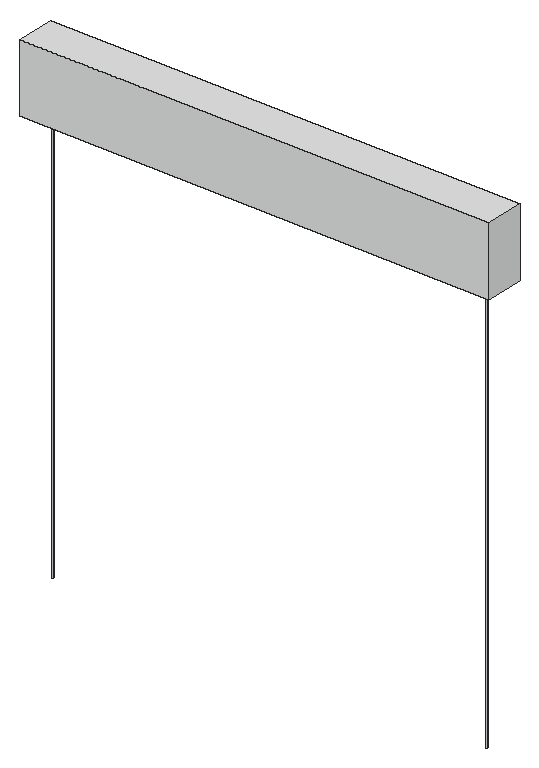
Revit family "Lighting-Suspended-Amerlux-Carisma 2 Direct-Indirect ", category Lighting Fixtures, host Face, Revit 2020
Family settings
  Host = Face
  Round Connector Dimension = Use Diameter
  Part Type = Normal
  Cut with Voids When Loaded = No
  Light Source = Yes
  Shared = No
  Room Calculation Point = No
Parameters (values of type "Carisma 2 Direct/Indirect")
  Width = 0' - 2"
  Wattage = 9.2903 W
  built-in parameter 1150110 = 1 (stored number, unit not read)
  Voltage = 0 V
  URL = "http://www.amerlux.com/"
  built-in parameter 1114217 = 1 (stored number, unit not read)
  Tilt Angle = -90.00°
  built-in parameter 1150109 = 1 (stored number, unit not read)
  built-in parameter 1150134 = 3
  Suspension Length [instance] = 2' - 0"
  built-in parameter 1150113 = 1 (stored number, unit not read)
  Right Cable [instance] = yes
  Power Factor = 1
  Photometric Web File = "Load File"
  Number of Poles = 1
  built-in parameter 1150142 = (empty or 0)
  Model = "Carisma 2 Direct/Indirect"
  Manufacturer = "Amerlux"
  built-in parameter 1150105 = 109.82 (stored number, unit not read)
  Lumens = 1380 lm
  built-in parameter 1150115 = 1 (stored number, unit not read)
  built-in parameter 1150137 = (empty or 0)
  built-in parameter 1150139 = (empty or 0)
  Length = 2' - 0"
  Left Cable [instance] = yes
  built-in parameter 1150112 = 1 (stored number, unit not read)
  built-in parameter 1150114 = 1 (stored number, unit not read)
  built-in parameter 1150132 = (empty or 0)
  built-in parameter 1150102 = (empty or 0)
  built-in parameter 1150107 = 3200 (stored number, unit not read)
  built-in parameter 1150138 = (empty or 0)
  built-in parameter 1150106 = 1.0982 (stored number, unit not read)
  Fixture Finish = Aluminum Finish
  Emit from Line Length = Length  # 2' - 0"
  built-in parameter 1150104 = 13.8 (stored number, unit not read)
  Dimming Lamp Color Temperature Shift = <None>
  Description = "Linear DI LED"
  Default Elevation = 4' - 0"
  Color Filter = 16777215
  built-in parameter 1114218 = 1 (stored number, unit not read)
  built-in parameter 1150133 = 10 (stored number, unit not read)
  Apparent Load = 0 VA
Reference planes (in)
  plane 1 "Center (Front/Back)": y = 0
  plane 2: z = 0
  plane 3 "Center (Left/Right)": x = 0
  plane 4: y = -1
  plane 5: y = 1
  plane 6: z = 24
  plane 7: x = -12
  plane 8: x = 12
  plane 9: x = -11.125
  plane 10: x = 11.125
Forms (in)
  Extrusion 1, solid, material "Aluminum Finish" <- "Fixture Finish"
    sketch origin (0, 0, 0) x (0, 1, 0) y (0, 0, 1)
      loop
        line (1, 24.8125) -> (-1, 24.8125) -> (-1, 21.3125) -> (1, 21.3125) -> (1, 24.8125)
    from -12 to 12
  Extrusion 2, solid, visible <- "Left Cable"
    sketch origin (0, 0, 0) x (1, 0, 0) y (0, 1, 0)
      loop
        circle (-11.125, 0) r 0.0476
    from 0 to 24
  Extrusion 3, solid, visible <- "Right Cable"
    sketch origin (0, 0, 0) x (-1, 0, 0) y (0, -1, 0)
      loop
        circle (-11.125, 0) r 0.0476
    from 0 to 21.3125
Dimensions and locks (in)
  "Suspension Length": plane 6 to host face
  equal spacing: plane 5, plane 1 "Center (Front/Back)", plane 4
  "Width": plane 5 to plane 4
  equal spacing: plane 7, plane 3 "Center (Left/Right)", plane 8
  "Length": plane 7 to plane 8
  locked: imposter light to plane 6 at 0.8125
  locked: plane 7 to plane 9 at 0.875
  locked: plane 9 to Extrusion 2 sketch curve at 0.0476
  plane 10 to Extrusion 1 = 0' - 0 7/8"
  plane 10 to Extrusion 3 = 0' - 0.0476"
  locked: Extrusion 1 sketch curve to Extrusion 1 sketch curve at 3.5
  aligned and locked: plane 2 to host face
  aligned and locked: level to host face
  aligned and locked: Extrusion 1 to plane 7
  aligned and locked: plane 6 to Extrusion 2
  aligned and locked: plane 8 to Extrusion 1
  aligned and locked: Extrusion 3 to Extrusion 1
  aligned and locked: Extrusion 1 sketch curve to plane 4
  aligned and locked: plane 5 to Extrusion 1 sketch curve
  aligned and locked: imposter light to Extrusion 1
Automatic sketch dimensions
  host sketch curve to host sketch curve = 8' - 0"  (x2)
  plane 1 "Center (Front/Back)" to Extrusion 2 sketch curve = 0' - 0"
  Extrusion 2 sketch curve to plane 9 = 0' - 0"
  plane 1 "Center (Front/Back)" to Extrusion 3 sketch curve = 0' - 0"
  plane 8 to Extrusion 3 sketch curve = 0' - 0 7/8"
  Extrusion 1 sketch curve to plane 6 = 0' - 2 11/16"
  radius of Extrusion 3 sketch curve = 0' - 0.0476"
Connectors (in)
  electrical at (12, 0, 23.0625), driven by "Number of Poles", driven by "Voltage", driven by "Apparent Load", driven by "Power Factor"
    settings: on Extrusion 1, index 1, voltage 0 V, apparent load 0 VA, apparent load phase1 0 VA, apparent load phase2 0 VA, apparent load phase3 0 VA, power factor 1, load classification "Other", number of poles 1, system type 31, power factor state 1, is connector primary yes, connector utility no, sub classification motor no, connector description "Power"
